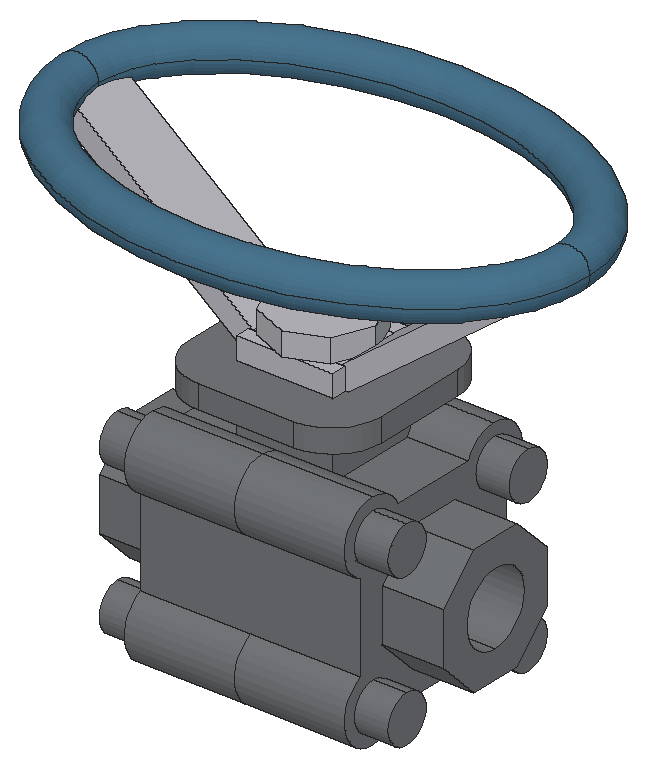
Revit family "321ASWOH-Ball-Valve", category Pipe Accessories, Revit 2018
Family settings
  Round Connector Dimension = Use Diameter
  Part Type = Valve - Breaks Into
  OmniClass Number = 23.60.30.11.14
  OmniClass Title = Pipework Fittings
  Work Plane-Based = No
  Always vertical = Yes
  Cut with Voids When Loaded = No
  Shared = No
Parameters
  Z4 [instance] = size_lookup(LookupTable, "Z4", 0.000", Nominal Diameter)  # 0.800"
  Z3 [instance] = size_lookup(LookupTable, "Z3", 0.000", Nominal Diameter)  # 0.200"
  Weight [instance] = size_lookup(LookupTable, "Weight", "NA", Nominal Diameter)  # "2.29 lbs."
  URL = "http://www.fnw.com"
  Standards Lookup Table = "Standards"  # constant formula
  R3 [instance] = size_lookup(LookupTable, "R3", 0.000", Nominal Diameter)  # 0.91924"
  Product ID Handle [instance] = size_lookup(LookupTable, "ProductIDHandle", "NA", Nominal Diameter)  # "4448698"
  Product ID [instance] = size_lookup(LookupTable, "ProductID", "NA", Nominal Diameter)  # "4106131"
  Pipe Diameter [instance] = size_lookup(Standards Lookup Table, "copper", 0.000", Nominal Diameter)  # 0.625"
  Pins [instance] = Lm / 2  # 0.650"
  Pin Length [instance] = X2 * 4 + X3  # 2.4726"
  Pin Diameter [instance] = size_lookup(LookupTable, "m", 0.000", Nominal Diameter)  # 0.400"
  Pin Bung [instance] = Pin Diameter * 1.5  # 0.600"
  Part Number Handle [instance] = size_lookup(LookupTable, "PartNumberHandle", "NA", Nominal Diameter)  # "FNW320AOHBF"
  Part Number [instance] = size_lookup(LookupTable, "PartNumber", "NA", Nominal Diameter)  # "FNW321ASWD"
  PIpe Radius [instance] = Pipe Diameter / 2  # 0.3125"
  Insert [instance] = size_lookup(LookupTable, "insert", 0.000", Nominal Diameter)  # 0.430"
  Manufacturer = "FNW"  # constant formula
  Lm [instance] = size_lookup(LookupTable, "lm", 0.000", Nominal Diameter)  # 1.300"
  Grip Pin4 [instance] = X3 / 2 + (X2 * 2)  # 1.2363"
  Gear [instance] = D3_Half - 0.063"  # 0.3495"
  Description BOM Handle [instance] = size_lookup(LookupTable, "Description_BOMHandle", "NA", Nominal Diameter)  # "1/4 - 3/4 OVAL Handle Kit 320A BV"
  Description BOM [instance] = size_lookup(LookupTable, "Description_BOM", "NA", Nominal Diameter)  # "1/2 CS Stainless Steel 2000# Socket Weld 3 Piece Full Port BV"
  Z2 [instance] = size_lookup(LookupTable, "Z2", 0.000", Nominal Diameter)  # 0.300"
  Z1 [instance] = size_lookup(LookupTable, "Z1", 0.000", Nominal Diameter)  # 0.920"
  X3 [instance] = size_lookup(LookupTable, "X3", 0.000", Nominal Diameter)  # 1.2926"
  X2 [instance] = size_lookup(LookupTable, "X2", 0.000", Nominal Diameter)  # 0.295"
  X1 [instance] = size_lookup(LookupTable, "X1", 0.000", Nominal Diameter)  # 0.5337"
  Show Lever Clearance [instance] = no
  R2 [instance] = size_lookup(LookupTable, "R2", 0.000", Nominal Diameter)  # 0.71924"
  R1_Diam [instance] = R1 * 2  # 1.100"
  R1 [instance] = size_lookup(LookupTable, "R1", 0.000", Nominal Diameter)  # 0.550"
  Nominal Radius [instance] = Nominal Diameter / 2  # 0.250"
  Nominal Diameter [instance] = 0.500"
  LookupTable = "321ASWOH-Ball-Valve"  # constant formula
  HexAngle1 [instance] = 135.00°  # constant formula
  D4 [instance] = size_lookup(LookupTable, "D4", 0.000", Nominal Diameter)  # 0.375"
  D3_Half [instance] = D3 / 2  # 0.4125"
  D3 [instance] = size_lookup(LookupTable, "D3", 0.000", Nominal Diameter)  # 0.825"
  D2_Half [instance] = D2 / 2  # 0.61875"
  D2 [instance] = size_lookup(LookupTable, "D2", 0.000", Nominal Diameter)  # 1.2375"
  D1_Half [instance] = D1 / 2  # 0.825"
  D1 [instance] = size_lookup(LookupTable, "D1", 0.000", Nominal Diameter)  # 1.650"
  Body_W [instance] = Lm / 2 + 0.125"  # 0.775"
  3_Z3 [instance] = size_lookup(LookupTable, "3_Z3", 0.000", Nominal Diameter)  # 1.3225"
  3_Z1 [instance] = size_lookup(LookupTable, "3_Z1", 0.000", Nominal Diameter)  # 1.500"
  3_Y1 [instance] = size_lookup(LookupTable, "3_Y1", 0.000", Nominal Diameter)  # 2.800"
  3_X3 [instance] = size_lookup(LookupTable, "3_X3", 0.000", Nominal Diameter)  # 0.825"
  3_X1 [instance] = size_lookup(LookupTable, "3_X1", 0.000", Nominal Diameter)  # 4.210"
  3_L1 [instance] = size_lookup(LookupTable, "3_L1", 0.000", Nominal Diameter)  # 0.1875"
  3_D1 [instance] = size_lookup(LookupTable, "3_D1", 0.000", Nominal Diameter)  # 0.355"
Reference planes (in)
  plane 1 "Center (Front/Back)": y = 0
  plane 2: z = 0
  plane 3 "Center (Left/Right)": x = 0
  plane 4 "X7 End": x = -1.475
  plane 5: x = -0.6463
  plane 6: x = 0.6463
  plane 7 "Pipe radius": z = 0.3125
  plane 8: z = 0.55
  plane 9: z = 0.92
  plane 10: z = 1.22
  plane 11 "top of pad": z = 1.42
  plane 12: x = 0.9413
  plane 13: x = -1.045
  plane 14: y = -0.65
  plane 15: z = -0.65
  plane 16: z = 0.65
  plane 17: y = 0.65
  plane 18: x = 10.098
  plane 19: y = 2.5
  plane 20: y = -2.5
  plane 21: y = -0.65
  plane 22: z = -0.65
  plane 23: z = 0.65
  plane 24: y = 0.65
  plane 25: through (0, 0, 0) normal (0, 0.7071, -0.7071)
  plane 26: through (0, 0, 0) normal (0, 0.7071, 0.7071)
  plane 27: y = -0.65
  plane 28: y = 0.65
  plane 29: y = -1.465
  plane 30: z = -1.465
  plane 31: z = 1.465
  plane 32: y = 1.465
  plane 33 "Pin Plane": x = -1.2363
  plane 34 "NPT 3": x = 1.475
  plane 35: x = 1.2363
  plane 36: z = -1.27275
  plane 37 "LM": z = 1.27275
  plane 38: x = -0.9413
  plane 39: x = 1.045
Forms (in)
  Extrusion 1, solid, material "Steel, Black", not visible
    sketch origin (-1.0872, 0, 0) x (0, 0, 1) y (0, -1, 0)
      loop
        circle (0, 0) r 0.25
    from 0.0422 to 2.1322
  Extrusion 2, solid, material "Steel, Black"
    sketch origin (1.4276, 0, 0) x (0, 0, 1) y (0, -1, 0)
      loop
        line (-0.22782, -0.55) -> (0.22782, -0.55) -> (0.55, -0.22782) -> (0.55, 0.22782) -> (0.22782, 0.55) -> (-0.22782, 0.55) -> (-0.55, 0.22782) -> (-0.55, -0.22782) -> (-0.22782, -0.55)
      loop
        circle (0, 0) r 0.3125
    from -2.9026 to 0.0474
  Extrusion 3, solid, material "Steel, Black"
    sketch origin (0, 0, 0.865) x (-1, 0, 0) y (0, -1, 0)
      loop
        arc (0.40833, -0.825) -> (0.70296, -0.70296) -> (0.825, -0.40833) r 0.41667
        line (0.825, -0.40833) -> (0.825, 0.40833)
        arc (0.825, 0.40833) -> (0.70296, 0.70296) -> (0.40833, 0.825) r 0.41667
        line (0.40833, 0.825) -> (-0.40833, 0.825)
        arc (-0.40833, 0.825) -> (-0.70296, 0.70296) -> (-0.825, 0.40833) r 0.41667
        line (-0.825, 0.40833) -> (-0.825, -0.40833)
        arc (-0.825, -0.40833) -> (-0.70296, -0.70296) -> (-0.40833, -0.825) r 0.41667
        line (-0.40833, -0.825) -> (0.40833, -0.825)
      loop
        circle (0, 0) r 0.4125
      loop
        circle (0, 0) r 0.3495
    from 0.355 to 0.555
  Extrusion 4, solid, material "Steel, Black"
    sketch origin (0, 0, 0.865) x (-1, 0, 0) y (0, -1, 0)
      loop
        line (0.4125, -0.4125) -> (0.4125, 0.4125) -> (-0.4125, 0.4125) -> (-0.4125, -0.4125) -> (0.4125, -0.4125)
    from -0.5525 to 0.355
  Extrusion 5, solid, material "Steel, Black"
    sketch origin (0, 0, 0.865) x (-1, 0, 0) y (0, -1, 0)
      loop
        line (0.21875, -0.21875) -> (0.21875, 0.21875) -> (-0.21875, 0.21875) -> (-0.21875, -0.21875) -> (0.21875, -0.21875)
    from 0.055 to 0.555
  Extrusion 6, solid, material "Steel, Black"
    sketch origin (-1.0872, 0, 0) x (0, 0, 1) y (0, -1, 0)
      loop
        circle (0.65, 0.65) r 0.2
      loop
        circle (0.65, -0.65) r 0.2
      loop
        circle (-0.65, -0.65) r 0.2
      loop
        circle (-0.65, 0.65) r 0.2
    from -0.1491 to 2.3235
  Extrusion 7, solid, material "Steel, Black"
    sketch origin (-1.0872, 0, 0) x (0, 0, 1) y (0, -1, 0)
      loop
        circle (0.65, -0.65) r 0.3
      loop
        circle (0.65, 0.65) r 0.3
      loop
        circle (-0.65, 0.65) r 0.3
      loop
        circle (-0.65, -0.65) r 0.3
    from 0.1459 to 1.0872
  Extrusion 8, solid, material "Steel, Black"
    sketch origin (-1.0872, 0, 0) x (0, 0, 1) y (0, -1, 0)
      loop
        circle (0.65, -0.65) r 0.3
      loop
        circle (0.65, 0.65) r 0.3
      loop
        circle (-0.65, 0.65) r 0.3
      loop
        circle (-0.65, -0.65) r 0.3
    from 1.0872 to 2.0285
  Extrusion 9, solid, material "Steel, Black"
    sketch origin (-1.2363, 0, 0) x (0, 0, 1) y (0, -1, 0)
      loop
        line (0.775, -0.775) -> (0.775, 0.775) -> (-0.775, 0.775) -> (-0.775, -0.775) -> (0.775, -0.775)
    from 0.295 to 2.1776
Cuts and joins
  joined: Extrusion 7, Extrusion 8, Extrusion 9
Dimensions and locks (in)
  "PIpe Radius": plane 7 "Pipe radius" to plane 2
  "R1": Extrusion 2 sketch curve to plane 1 "Center (Front/Back)"
  "R1": plane 1 "Center (Front/Back)" to Extrusion 2 sketch curve  (x5)
  "R1": plane 2 to Extrusion 2 sketch curve  (x2)
  "R1": plane 8 to plane 2
  "Z1": plane 9 to plane 2
  "Z2": plane 10 to plane 9
  "Z3": plane 11 "top of pad" to plane 10
  "D1_Half": Extrusion 3 sketch curve to plane 3 "Center (Left/Right)"
  "D1_Half": plane 3 "Center (Left/Right)" to Extrusion 3 sketch curve
  "D1_Half": plane 1 "Center (Front/Back)" to Extrusion 3 sketch curve
  "D1_Half": Extrusion 3 sketch curve to plane 1 "Center (Front/Back)"
  "D3_Half": Extrusion 4 sketch curve to plane 3 "Center (Left/Right)"
  "D3_Half": plane 3 "Center (Left/Right)" to Extrusion 4 sketch curve
  "D3_Half": plane 1 "Center (Front/Back)" to Extrusion 4 sketch curve  (x2)
  equal spacing: Extrusion 5 sketch curve, plane 1 "Center (Front/Back)", Extrusion 5 sketch curve
  Extrusion 5 sketch curve to Extrusion 5 sketch curve = 0.4375"  (x2)
  equal spacing: Extrusion 5 sketch curve, plane 3 "Center (Left/Right)", Extrusion 5 sketch curve
  "Pins": plane 2 to plane 16
  "Pins": plane 2 to plane 15
  "Pins": plane 1 "Center (Front/Back)" to plane 14
  "Pins": plane 17 to plane 1 "Center (Front/Back)"
  equal spacing: plane 19, plane 1 "Center (Front/Back)", plane 20
  plane 19 to plane 20 = 5.000"
  "Pins": plane 24 to plane 1 "Center (Front/Back)" to plane 21
  "Pins": plane 22 to plane 2 to plane 23
  plane 28 to plane 27 = 1.300"
  equal spacing: plane 28, plane 1 "Center (Front/Back)", plane 27
  "Lm": plane 28 to plane 27
  plane 32 to plane 29 = 2.930"
  plane 30 to plane 31 = 2.930"
  "X2": plane 12 to plane 6
  equal spacing: plane 6, plane 3 "Center (Left/Right)", plane 5
  "X3": plane 6 to plane 5
  "X1": plane 34 "NPT 3" to plane 12
  "Grip Pin4": Extrusion 6 to plane 3 "Center (Left/Right)"
  "X2": plane 35 to plane 12
  "Body_W": Extrusion 9 sketch curve to plane 2
  "Body_W": plane 1 "Center (Front/Back)" to Extrusion 9 sketch curve
  "Body_W": plane 2 to Extrusion 9 sketch curve
  "Body_W": Extrusion 9 sketch curve to plane 1 "Center (Front/Back)"
  "X2": plane 5 to plane 38
  "X2": plane 38 to plane 33 "Pin Plane"
  "X1": plane 38 to plane 4 "X7 End"
  "Insert": plane 4 "X7 End" to plane 13
  "Insert": plane 34 "NPT 3" to plane 39
  "Nominal Radius": radius of Extrusion 1 sketch curve
  "PIpe Radius": radius of Extrusion 2 sketch curve
  radius of Extrusion 3 sketch curve = 0.41667"  (x4)
  "D3_Half": radius of Extrusion 3 sketch curve
  "Gear": radius of Extrusion 3 sketch curve
  "Pin Diameter": diameter of Extrusion 6 sketch curve  (x4)
  "Pin Bung": diameter of Extrusion 7 sketch curve  (x4)
  "Pin Bung": diameter of Extrusion 8 sketch curve  (x4)
  angle Extrusion 2 sketch curve to Extrusion 2 sketch curve = 135.00°  (x7)
  aligned and locked: plane 2 to level
  aligned and locked: plane 4 "X7 End" to Extrusion 2
  aligned and locked: Extrusion 3 to plane 10
  aligned and locked: plane 11 "top of pad" to Extrusion 3
  aligned and locked: Extrusion 4 to plane 7 "Pipe radius"
  aligned and locked: Extrusion 1 to plane 13
  aligned and locked: plane 10 to Extrusion 4
  aligned and locked: Extrusion 5 to plane 9
  aligned and locked: plane 12 to Extrusion 8
  aligned and locked: Extrusion 2 to plane 34 "NPT 3"
  aligned and locked: plane 11 "top of pad" to Extrusion 5
  aligned and locked: Extrusion 6 to plane 33 "Pin Plane"
  aligned and locked: plane 3 "Center (Left/Right)" to Extrusion 7
  aligned and locked: Extrusion 8 to plane 3 "Center (Left/Right)"
  aligned and locked: cut or joined group of Extrusion 7, Extrusion 8, Extrusion 9 to plane 38  (x2)
  aligned and locked: plane 38 to cut or joined group of Extrusion 7, Extrusion 8, Extrusion 9
  aligned and locked: plane 39 to Extrusion 1
  aligned and locked: plane 12 to Extrusion 9
Automatic sketch dimensions
  Extrusion 1 sketch curve to level = 0.000"
  Extrusion 1 sketch curve to plane 1 "Center (Front/Back)" = 0.000"
  Extrusion 2 sketch curve to level = 0.000"
  Extrusion 2 sketch curve to plane 1 "Center (Front/Back)" = 0.000"
  Extrusion 3 sketch curve to Extrusion 3 sketch curve = 0.000"  (x2)
  plane 1 "Center (Front/Back)" to Extrusion 3 sketch curve = 0.000"
  Extrusion 3 sketch curve to plane 3 "Center (Left/Right)" = 0.000"
  Extrusion 6 sketch curve to plane 15 = 0.000"  (x2)
  Extrusion 6 sketch curve to plane 14 = 0.000"  (x2)
  plane 16 to Extrusion 6 sketch curve = 0.000"  (x2)
  Extrusion 6 sketch curve to plane 17 = 0.000"  (x2)
  Extrusion 7 sketch curve to plane 21 = 0.000"  (x2)
  Extrusion 7 sketch curve to plane 22 = 0.000"  (x2)
  plane 23 to Extrusion 7 sketch curve = 0.000"  (x2)
  Extrusion 7 sketch curve to plane 24 = 0.000"  (x2)
  plane 25 to Extrusion 8 sketch curve = 0.000"  (x2)
  Extrusion 8 sketch curve to plane 27 = 0.000"  (x2)
  plane 26 to Extrusion 8 sketch curve = 0.000"  (x2)
  Extrusion 8 sketch curve to plane 28 = 0.000"  (x2)
Nested families (in)
  nested 1: "Oval Handle 321ASW" at (0, 0, 1.42) x (-1, 0, 0) z (0, 0, 1), 3_D1 <- "3_D1", 3_L1 <- "3_L1", 3_X1 <- "3_X1", 3_X3 <- "3_X3", 3_Y1 <- "3_Y1", 3_Z1 <- "3_Z1", 3_Z3 <- "3_Z3", D3 <- "D3", Z3 <- "Z3", Description BOM <- "Description BOM Handle", Part Number <- "Product ID Handle", Product ID <- "Product ID Handle", type "Oval Handle  321ASW"
    with b 2.105", a 1.22375", Z3 0.200", Show Lever Clearance yes, Product ID "4448698", Part Number "4448698", Description BOM "1/4 - 3/4 OVAL Handle Kit 320A BV", D3 0.825", Center of Oval Handle 1.41125", Angle Hex Head 135.00°, 3_Z3 1.3225", 3_Z2 0.125", 3_Z1 1.500", 3_Y1 2.800", 3_X3 0.825", 3_X1 4.210", 3_L1_Half 0.09375", 3_L1 0.1875", 3_D1_Radius 0.1775", 3_D1 0.355"
Connectors (in)
  piping at (-1.045, 0, 0), diameter 0.5, driven by "Nominal Diameter"
    settings: on Extrusion 1, index 1, connector inside diameter 24", connector length 0.000", flow factor 0, pipe flow 0 GPM, pressure drop 0.00 psi, fitting loss kfactor 0, connector angle 0.00°, fixture units 0, engagement length 0.000", angle of deflection 0.00°, flow configuration 0, flow direction 0, fitting loss method 0, system type 7, joint type 0, gender type 0, connector reference index 2, connector utility 0, adjustable connector no, is connector primary yes, connector description ""
  piping at (1.045, 0, 0), diameter 0.5, driven by "Nominal Diameter"
    settings: on Extrusion 1, index 2, connector inside diameter 24", connector length 0.000", flow factor 0, pipe flow 0 GPM, pressure drop 0.00 psi, fitting loss kfactor 0, connector angle 0.00°, fixture units 0, engagement length 0.000", angle of deflection 0.00°, flow configuration 0, flow direction 0, fitting loss method 0, system type 7, joint type 0, gender type 0, connector reference index 1, connector utility 0, adjustable connector no, is connector primary no, connector description ""
Definition of nested family "Oval Handle 321ASW"
  Parameters (values of type "Oval Handle  320ASW")
    b [instance] = [3_X1] / 2  # 2.105"
    a [instance] = Center of Oval Handle - [3_L1]  # 1.34375"
    Z3 [instance] = 0.14279"
    Product ID [instance] = ""
    Part Number [instance] = ""
    Description BOM [instance] = ""
    D3 [instance] = 0.27676"
    Center of Oval Handle [instance] = ([3_Z1] - [3_Z3]) / 2 + ([3_Z3])  # 1.46875"
    Angle 2 = 45.00°  # constant formula
    Show Lever Clearance [instance] = yes
    Default Elevation = 48.000"
    Angle Hex Head [instance] = 135.00°  # constant formula
    3_Z3 [instance] = 1.3125"
    3_Z2 [instance] = 0.125"
    3_Z1 [instance] = 1.625"
    3_Y1 [instance] = 2.800"
    3_X3 [instance] = 0.5625"
    3_X1 [instance] = 4.210"
    3_L1_Half [instance] = [3_L1] / 2  # 0.0625"
    3_L1 [instance] = 0.125"
    3_D1_Radius [instance] = [3_D1] / 2  # 0.1565"
    3_D1 [instance] = 0.313"
  Reference planes (in)
    plane 1 "Center (Front/Back)": y = 0
    plane 2: z = 0
    plane 3 "Center (Left/Right)": x = 0
    plane 4: y = 1
    plane 5: y = -1
    plane 6: y = 1.03125
    plane 7: y = -1.03125
    plane 8: x = -0.28125
    plane 9: x = 0.28125
    plane 10 "Z3_Base": z = 0.125
    plane 11: z = -0.125
    plane 12: z = 1.625
    plane 13: z = 1.3125
    plane 14: x = -2.105
    plane 15: x = 2.105
    plane 16: x = -1.28
    plane 17: x = 1.28
    plane 18: x = -0.15625
    plane 19: x = 0.21875
    plane 20: y = 1.4
    plane 21 "Center of Oval Side View": y = -1.4
    plane 22 "Centerline Oval Handle": z = 1.46875
    plane 23: y = 0.28125
    plane 24: y = -0.28125
    plane 25: z = 0.26779
  Forms (in)
    Extrusion 1, solid
      sketch origin (0, 0, 0) x (1, 0, 0) y (0, 1, 0)
        loop
          line (-48, 48) -> (-48, -48) -> (48, -48) -> (48, 48) -> (-48, 48)
      from 0 to -12
    Sweep 2, solid
      path origin (0, 0, 1.46875) x (0, -1, 0) y (1, 0, 0)
        loop
          spline (0, -2.105) -> (0.36235, -2.03327) -> (0.7, -1.82298) -> (0.98995, -1.48846) -> (1.21244, -1.0525) -> (1.3523, -0.54481) -> (1.4, 0) -> (1.3523, 0.54481) -> (1.21244, 1.0525) -> (0.98995, 1.48846) -> (0.7, 1.82298) -> (0.36235, 2.03327) -> (0, 2.105)
          spline (0, 2.105) -> (-0.36235, 2.03327) -> (-0.7, 1.82298) -> (-0.98995, 1.48846) -> (-1.21244, 1.0525) -> (-1.3523, 0.54481) -> (-1.4, 0) -> (-1.3523, -0.54481) -> (-1.21244, -1.0525) -> (-0.98995, -1.48846) -> (-0.7, -1.82298) -> (-0.36235, -2.03327) -> (0, -2.105)
      profile origin (0, 1.4, 1.46875) x (0, 1, 0) y (0, 0, 1)
        loop
          circle (0, 0) r 0.1565
    Extrusion 3, solid
      sketch origin (0, 0, 0) x (1, 0, 0) y (0, 0, 1)
        loop
          line (-0.28125, -0.125) -> (-0.15625, -0.125) -> (-0.15625, 0) -> (0.21875, 0) -> (0.21875, -0.125) -> (0.28125, -0.125) -> (0.28125, 0.125) -> (-0.28125, 0.125) -> (-0.28125, -0.125)
      from -0.28125 to 0.28125
    Sweep 4, solid
      path origin (0, 0, 0) x (1, 0, 0) y (0, 0, 1)
        loop
          line (-2.105, 1.46875) -> (-0.28125, 0.0625) -> (0.28125, 0.0625) -> (2.105, 1.46875)
      profile origin (-1.19312, 0, 0.76563) x (0.610628, 0, 0.791917) y (0, -1, 0)
        loop
          line (0.0625, -0.28125) -> (0.0625, 0.28124) -> (-0.0625, 0.28124) -> (-0.0625, -0.28125) -> (0.0625, -0.28125)
    Extrusion 5, solid
      sketch origin (0, 0, 1.46875) x (0, -1, 0) y (1, 0, 0)
        loop
          line (0.14978, 0) -> (0.10591, 0.10591) -> (0, 0.14978) -> (-0.10591, 0.10591) -> (-0.14978, 0) -> (-0.10591, -0.10591) -> (0, -0.14978) -> (0.10591, -0.10591) -> (0.14978, 0)
      from -1.34375 to -1.20096
  Lines and regions (in)
    reference lines
      curve 1: line (0, 0, 3.375) -> (0, 0, -1.625)
  Text (in)
    text "3_X1 -Center of Sweep" at (6.95247, 0, 9.12543), in view "Front"
    text "3_Y1 - Other view Left Oval Center" at (8.35736, 0, 8.09025), in view "Front"
  Dimensions and locks (in)
    equal spacing: plane 4, plane 1 "Center (Front/Back)", plane 5
    plane 4 to plane 5 = 2.000"
    plane 5 to plane 7 = 0.03125"
    plane 6 to plane 4 = 0.03125"
    equal spacing: plane 9, plane 3 "Center (Left/Right)", plane 8
    "3_X3": plane 9 to plane 8
    "3_L1": plane 10 "Z3_Base" to plane 2
    "3_Z2": plane 2 to plane 11
    "3_Z1": plane 12 to plane 2
    "3_Z3": plane 13 to plane 2
    equal spacing: plane 14, plane 3 "Center (Left/Right)", plane 15
    "3_X1": plane 14 to plane 15
    plane 14 to plane 16 = 0.825"
    plane 15 to plane 17 = 0.825"
    "3_L1": plane 18 to plane 8
    "3_L1_Half": plane 19 to plane 9
    equal spacing: plane 20, plane 1 "Center (Front/Back)", plane 21 "Center of Oval Side View"
    "3_Y1": plane 20 to plane 21 "Center of Oval Side View"
    "Center of Oval Handle": plane 22 "Centerline Oval Handle" to plane 2
    equal spacing: plane 23, plane 1 "Center (Front/Back)", plane 24
    "3_X3": plane 23 to plane 24
    equal spacing: Sweep 4 sketch curve, profile plane, Sweep 4 sketch curve
    "3_L1": Sweep 4 sketch curve to Sweep 4 sketch curve
    "3_L1_Half": Sweep 4 sketch curve to plane 2
    equal spacing: Extrusion 5 sketch curve, curve 1, Extrusion 5 sketch curve  (x4)
    "D3": Extrusion 5 sketch curve to Extrusion 5 sketch curve  (x4)
    "Z3": plane 25 to plane 10 "Z3_Base"
    "3_D1_Radius": radius of Sweep 2 sketch curve
    "Angle Hex Head": angle Extrusion 5 sketch curve to Extrusion 5 sketch curve  (x7)
    aligned and locked: plane 2 to Extrusion 1
    aligned and locked: level to Extrusion 1
    aligned and locked: curve 1 to plane 3 "Center (Left/Right)"
    aligned and locked: plane 20 to Sweep 2 sketch curve
    aligned and locked: plane 21 "Center of Oval Side View" to Sweep 2 sketch curve
    aligned and locked: plane 15 to Sweep 2 sketch curve
    aligned and locked: plane 14 to Sweep 2 sketch curve
    aligned and locked: plane 23 to Extrusion 3
    aligned and locked: Extrusion 3 to plane 24
    aligned and locked: plane 14 to Sweep 4 sketch curve
    aligned and locked: plane 22 "Centerline Oval Handle" to Sweep 4 sketch curve  (x2)
    aligned and locked: plane 15 to Sweep 4 sketch curve
    aligned and locked: plane 10 "Z3_Base" to Extrusion 5
    aligned and locked: Extrusion 5 to plane 25
  Automatic sketch dimensions
    Extrusion 1 sketch curve to Extrusion 1 sketch curve = 96.000"  (x2)
    curve 1 to level = 1.625"
    level to curve 1 = 3.375"
    Extrusion 3 sketch curve to plane 8 = 0.000"
    Extrusion 3 sketch curve to plane 11 = 0.000"  (x2)
    Extrusion 3 sketch curve to plane 18 = 0.000"
    Extrusion 3 sketch curve to level = 0.000"
    Extrusion 3 sketch curve to plane 19 = 0.000"
    Extrusion 3 sketch curve to plane 9 = 0.000"
    Extrusion 3 sketch curve to plane 10 "Z3_Base" = 0.000"
    plane 22 "Centerline Oval Handle" to Sweep 2 sketch curve = 0.000"
    Sweep 2 sketch curve to profile plane = 0.000"
    Sweep 4 sketch curve to plane 8 = 0.000"
    Sweep 4 sketch curve to plane 9 = 0.000"
    Sweep 4 sketch curve to plane 1 "Center (Front/Back)" = 0.28125"
    plane 1 "Center (Front/Back)" to Sweep 4 sketch curve = 0.28124"
    plane 1 "Center (Front/Back)" to Extrusion 5 sketch curve = 0.000"
